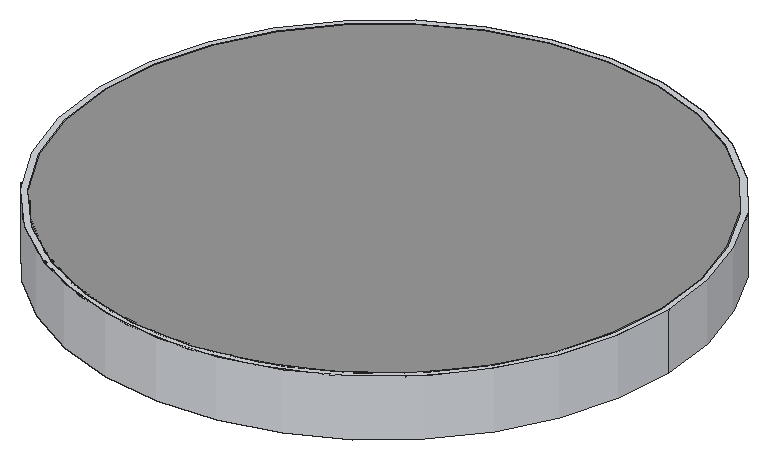
Revit family "2071217", category Lighting Fixtures, host Face, Revit 2018
Family settings
  Host = Face
  Round Connector Dimension = Use Diameter
  Part Type = Normal
  OmniClass Number = 23.80.70.00
  OmniClass Title = Lighting
  Cut with Voids When Loaded = No
  Light Source = Yes
  Shared = No
  Room Calculation Point = No
Parameters (values of type "2071217 COLOSSAL 600 840 PR DIR+H WHT DALI")
  iner diameter = 588 mm
  Weight = "n/a"
  Wattage Comments = ""
  Wattage = 30 W
  WarrantyStartDate [instance] = "n/a"
  WarrantyGuarantorParts = "n/a"
  WarrantyDurationUnit = "n/a"
  WarrantyDurationParts = ""
  WarrantyDescription = "http://www.sylvania-lighting.com"
  built-in parameter 1150110 = 1 (stored number, unit not read)
  Voltage = 230 V
  URL = "0.99"
  TypeName = "COLOSSAL 600mm 840 PRISM DIR+HAL WHITE DALI"
  Type Image = <None>
  Type Comments = "n/a"
  built-in parameter 1114217 = 1 (stored number, unit not read)
  Tilt Angle = -90.00°
  built-in parameter 1150109 = 1 (stored number, unit not read)
  built-in parameter 1150134 = (empty or 0)
  built-in parameter 1150113 = 1 (stored number, unit not read)
  SerialNumber [instance] = "n/a"
  Photometric Web File = "2071217.ies"
  Material_3_SYL = LED-Sylvania
  PowerFactor = 0
  PowerConsumption = "Lighting"
  NominalLength = 600 mm
  NominalHeight = 93 mm
  NominalDepth = 600 mm
  Name = "COLOSSAL 600mm 840 PRISM DIR+HAL WHITE DALI"
  ModelReference = Name  # "COLOSSAL 600mm 840 PRISM DIR+HAL WHITE DALI"
  ModelNumber = "2071217"
  Model = Name  # "COLOSSAL 600mm 840 PRISM DIR+HAL WHITE DALI"
  Material = "Feilo Sylvania"
  ManufacturerName = "131 lm/W"
  Manufacturer = ""
  LuminousEfficacy = ""
  built-in parameter 1150105 = 270.44 (stored number, unit not read)
  Lumens = 3398.4 lm
  LuminaireType = "0"
  built-in parameter 1150115 = 1 (stored number, unit not read)
  LightOutputRatio = "LED"
  built-in parameter 1150137 = (empty or 0)
  built-in parameter 1150139 = (empty or 0)
  LampsType = Lamp  # "n/a"
  LampNominalLuminous = "4000 K"
  LampMacAdamStep = "80"
  LampColourTemperature = "LED"
  LampColourRenderingIndex = "16500"
  built-in parameter 1150112 = 1 (stored number, unit not read)
  built-in parameter 1150114 = 1 (stored number, unit not read)
  Lamp = "n/a"
  Keynote = "n/a"
  InstallationDate [instance] = "n/a"
  InputVoltage = "0"
  InputNominalFrequency = "4000"
  built-in parameter 1150132 = (empty or 0)
  built-in parameter 1150102 = (empty or 0)
  built-in parameter 1150107 = 3000 (stored number, unit not read)
  built-in parameter 1150138 = (empty or 0)
  IngressProtection = "IfcLightFixtureType"
  ImpactProtectionIndex = "IfcLightFixtureType"
  built-in parameter 1150106 = 2.7044 (stored number, unit not read)
  IfcExportType = "IfcLightFixtureType"
  IfcExportAs = "Class I"
  Emit from Circle Diameter = 385 mm
  Emit Shape Visible in Rendering = no
  ElectricShockClassification = "131"
  built-in parameter 1150104 = 10.524 (stored number, unit not read)
  DocumentationLiterature = "http://www.sylvania-lighting.com/product/en-int/products/2071217"
  DimmingControlOptions = "n/a"
  Material_2_SYL = Polycarbonate_Sylvania_White
  Dimming Lamp Color Temperature Shift = <None>
  Description = "600mm diameter circular architectural luminaire, can be surface mounted or suspended. Powder coated aluminium housing (RAL9016) with PMMA prismatic diffuser. Direct/indirect (halo) light distribution, 4090lm luminuous flux, 31.3W system power, 131lm/W luminiaire efficacy. DALI dimmable. Colour rendering index Ra >80, 4000K Neutral White LED, chromaticity tolerance of 3-step MacAdam ellipse. IP40, IK03. 350mA drive current. UGR≤19. Electrical protection Class1, 220-240V. Reported lifetime 66k hours L90B10."
  Default Elevation = 1219.2 mm
  CreatedOn = "23/03/2022"
  CreatedBy = "@sylvania-lighting.com"
  Cost = 0
  Color Filter = 16777215
  built-in parameter 1114216 [instance] = (empty or 0)
  ClassificationValue = "EF_70_80"
  ClassificationName = "Uniclass2015"
  Material_1_SYL = Polycarbonate_Sylvania_Opal
  BarCode [instance] = "n/a"
  built-in parameter 1114218 = 1 (stored number, unit not read)
  built-in parameter 1150133 = 10 (stored number, unit not read)
  AssetType = "Fixed"
  AssetIdentifier [instance] = "n/a"
  Assembly Code = "D5020200"
  Apparent Load = 31.3 VA
  Material_4_SYL = none
Reference planes
  plane 1 "Center (Front/Back)": y = 0
  plane 2: z = 0
  plane 3 "Center (Left/Right)": x = 0
  plane 4: x = -300
  plane 5: x = 300
  plane 6: y = 300
  plane 7: y = -300
  plane 8: y = 212
  plane 9: y = -212
  plane 10: z = 93
  plane 11: y = 294
  plane 12: y = -294
  plane 13: through (0, 0, 1219.2) normal (0.5, -0.866, 0)
  plane 14: through (-134.29, 20.617, 1219.2) normal (0.5, -0.866, 0)
  plane 15: through (-144.685, -181.683, 1219.2) normal (-0.5, 0.866, 0)
  plane 16: through (0, 0, 1219.2) normal (0.5, 0.866, 0)
  plane 17: through (178.555, -4.939, 1219.2) normal (0.5, 0.866, 0)
  plane 18: through (87.581, -148.715, 1219.2) normal (0.5, 0.866, 0)
  plane 19: y = 272
  plane 20: through (105.168, 227.067, 1219.2) normal (0.866, 0.5, 0)
  plane 21: through (-104.171, 225.672, 1219.2) normal (0.8572, -0.515, 0)
  plane 22: y = -204.612
  plane 23: through (-296.643, -30.2, 1219.2) normal (0.866, 0.5, 0)
  plane 24: through (153.092, -278.837, 1219.2) normal (-0.866, 0.5, 0)
Forms (mm)
  Extrusion 1, solid, detail levels medium+fine
    sketch origin (0, 0, 0) x (1, 0, 0) y (0, 1, 0)
      loop
        circle (0, 0) r 300
    from 33.023 to 93
  Extrusion 2, void
    sketch origin (0, 0, 0) x (1, 0, 0) y (0, 1, 0)
      loop
        circle (0, 0) r 294
    from 93 to 37.292
  Extrusion 3, solid, material "Glass, White, High Luminance", detail levels fine
    sketch origin (0, 0, 0) x (1, 0, 0) y (0, 1, 0)
      loop
        circle (0, 0) r 294
    from 88.026 to 93
  Extrusion 4, solid, detail levels coarse
    sketch origin (0, 0, 0) x (1, 0, 0) y (0, 1, 0)
      loop
        line (-300, 300) -> (-300, -300) -> (300, -300) -> (300, 300) -> (-300, 300)
    from 0 to 93
  Blend 5, solid, detail levels medium+fine
    base sketch origin (0, 0, 0) x (1, 0, 0) y (0, 1, 0)
      loop
        line (-76.334, 272) -> (-277.665, -63.07) -> (-195.946, -204.612) -> (195.946, -204.612) -> (275.172, -67.388) -> (79.226, 272) -> (-76.334, 272)
    top sketch origin (0, 0, 0) x (1, 0, 0) y (0, 1, 0)
      loop
        line (-226.097, -32.388) -> (-141.097, -179.612) -> (141.097, -179.612) -> (226.097, -32.388) -> (85, 212) -> (-85, 212) -> (-226.097, -32.388)
    from 33.023 to 0
Cuts and joins
  Extrusion 2 cuts Extrusion 1
Lines and regions (mm)
  model lines
    curve 1: line (-85, 212, 0) -> (0, 212, 0)
    curve 2: line (0, 212, 0) -> (85, 212, 0)
Dimensions and locks
  "NominalDepth": plane 6 to plane 7
  "NominalLength": plane 4 to plane 5
  equal spacing: plane 4, plane 3 "Center (Left/Right)", plane 5
  "iner diameter": plane 11 to plane 12
  equal spacing: plane 11, plane 1 "Center (Front/Back)", plane 12
  equal spacing: plane 6, plane 1 "Center (Front/Back)", plane 7
  "NominalHeight": plane 10 to level
  radius of Extrusion 2 sketch curve = 294 mm
  aligned and locked: plane 2 to host face
  aligned and locked: level to host face
Automatic sketch dimensions
  host sketch curve to host sketch curve = 2438.4 mm  (x2)
  plane 1 "Center (Front/Back)" to Extrusion 1 sketch curve = 0 mm
  Extrusion 1 sketch curve to plane 3 "Center (Left/Right)" = 0 mm
  plane 1 "Center (Front/Back)" to Extrusion 2 sketch curve = 0 mm
  Extrusion 2 sketch curve to plane 3 "Center (Left/Right)" = 0 mm
  plane 1 "Center (Front/Back)" to Extrusion 3 sketch curve = 0 mm
  Extrusion 3 sketch curve to plane 3 "Center (Left/Right)" = 0 mm
  Extrusion 4 sketch curve to plane 4 = 0 mm
  Extrusion 4 sketch curve to plane 5 = 0 mm
  Extrusion 4 sketch curve to plane 7 = 0 mm
  Extrusion 4 sketch curve to plane 6 = 0 mm
  Blend 5 sketch curve to plane 8 = 0 mm
  Blend 5 sketch curve to plane 3 "Center (Left/Right)" = 85 mm
  plane 3 "Center (Left/Right)" to Blend 5 sketch curve = 85 mm
  plane 9 to Blend 5 sketch curve = 32.388 mm
  plane 3 "Center (Left/Right)" to Blend 5 sketch curve = 141.097 mm
  plane 1 "Center (Front/Back)" to Blend 5 sketch curve = 32.388 mm  (x2)
  Blend 5 sketch curve to plane 5 = 73.903 mm
  Blend 5 sketch curve to plane 3 "Center (Left/Right)" = 141.097 mm
  plane 4 to Blend 5 sketch curve = 73.903 mm
  curve 1 to plane 8 = 0 mm
  curve 2 to plane 3 "Center (Left/Right)" = 0 mm
  curve 1 to plane 3 "Center (Left/Right)" = 85 mm
  curve 1 to curve 2 = 85 mm
  Blend 5 sketch curve to plane 21 = 0 mm
  Blend 5 sketch curve to plane 23 = 0 mm  (x2)
  Blend 5 sketch curve to plane 22 = 0 mm
  Blend 5 sketch curve to plane 19 = 0 mm
  plane 21 to Blend 5 sketch curve = 0 mm
  Blend 5 sketch curve to plane 20 = 0 mm  (x2)
  Blend 5 sketch curve to plane 24 = 0 mm  (x2)
  radius of Extrusion 1 sketch curve = 300 mm
  radius of Extrusion 3 sketch curve = 294 mm
Connectors
  electrical at (0, 0, 0), driven by "Apparent Load", driven by "PowerFactor", driven by "Voltage"
    settings: index 1, voltage 230 V, apparent load 31.3 VA, apparent load phase1 0 VA, apparent load phase2 0 VA, apparent load phase3 0 VA, power factor 0, load classification "Lighting", number of poles 1, system type 30, power factor state 1, is connector primary yes, connector utility no, sub classification motor no, connector description ""
